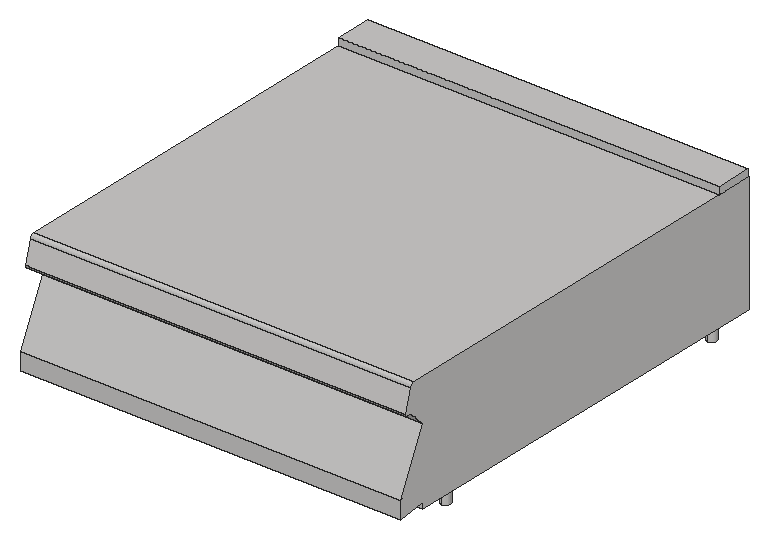
Revit family "QF_ZANUSSI_392160_Z9WTNHN000", category Specialty Equipment, Revit 2018
Family settings
  Round Connector Dimension = Use Diameter
  Part Type = Normal
  Work Plane-Based = No
  Always vertical = Yes
  Cut with Voids When Loaded = No
  Shared = No
  Room Calculation Point = No
Parameters
  Width = 800 mm  # constant formula
  Weight in Pounds = 44
  Weight = 0.00 kg
  Watts = 0 W
  Volts = 0 V
  URL Manufacturer = "http://www.zanussiprofessional.com"
  URL Cutsheet = "www.electrolux.com"
  URL = "http://www.zanussiprofessional.com"
  Type Mark [instance] = ""
  Steam Supply Size = 0"
  Steam Supply Minimum Pressure = 0.00 psi
  Steam Supply Maximum Pressure = 0.00 psi
  Steam Pounds per Hour = 0
  Status [instance] = ""
  Specification by User [instance] = ""
  Specification by Manufacturer = ""
  Show Logo [instance] = yes
  Serial Number = ""
  Seismic Rating = ""
  SMACNA No = ""
  Revision Code [instance] = ""
  Refrigeration Suction Line Size = 0"
  Refrigeration Liquid Line Size = 0"
  Refrigerant Compressor Remote = yes
  Phase = 0
  Omniclass Number and Title = ""
  NAFEM Spec ID Number = ""
  Model = "Z9WTNHN000"
  Masterspec = ""
  Manufacturer = "Zanussi"
  Length Actual = 800 mm  # constant formula
  Item Number [instance] = "392160"
  Installed By [instance] = ""
  Identify Quantity as Lot [instance] = yes
  Hot Water Size = 0"
  Height Actual = 250 mm  # constant formula
  Height = 289 mm  # constant formula
  HP = "0 HP"
  Gas Size = 0"
  Gas KW = 0
  Gas Input Pressure = 0.0 Btu/h
  Furnished By [instance] = ""
  Foodservice Equipment Identifier [instance] = yes
  Direct Waste Size = 0"
  Description = "WORKTOP 800 MM"
  Depth Actual = 900 mm  # constant formula
  Depth = 915 mm  # constant formula
  Cycle = 0 Hz
  Condensate Return Size = 0"
  Compressed Air Volume = 0 GPM
  Compressed Air Size = 0"
  Compressed Air Pressure = 0.00 psi
  Cold Water Size = 0"
  CSI MasterFormat = ""
  CSI Master Format = ""
  Base Height = 24 mm  # constant formula
  Accessory = yes
Reference planes
  plane 1 "BACK": y = 0
  plane 2: z = 0
  plane 3 "LEFT": x = 0
  plane 4 "RIGHT": x = 800
  plane 5 "FRONT": y = -915
  plane 6 "TOP": z = 274
  plane 7 "Center Y": x = 400
  plane 8 "Center X": y = -457.5
  plane 9: z = 24
  plane 10: z = 289
  plane 11: y = -82
  plane 12: y = -790
Forms (mm)
  Extrusion 1, solid, material "QF_Finishes_Stainless Steel"
    sketch origin (0, 82, 0) x (0, 1, 0) y (0, 0, 1)
      loop
        line (-82, 24) -> (-82, 273.363) -> (-961.358, 273.363)
        arc (-961.358, 273.363) -> (-966.643, 271.173) -> (-968.833, 265.888) r 7.474
        line (-968.833, 265.888) -> (-981.884, 220.373)
        arc (-981.884, 220.373) -> (-981.396, 217.741) -> (-979, 216.546) r 3
        line (-979, 216.546) -> (-968.802, 216.546) -> (-936.982, 184.727) -> (-997, 64.508) -> (-997, 29.508) -> (-940.645, 37.428)
        arc (-940.645, 37.428) -> (-938.101, 36.674) -> (-937, 34.259) r 3.2
        line (-937, 34.259) -> (-937, 24) -> (-82, 24)
    from 0 to 800
  Extrusion 2, solid, material "QF_Finishes_Stainless Steel"
    sketch origin (0, -199.871, 0) x (1, 0, 0) y (0, 1, 0)
      loop
        circle (11.112, 117.871) r 9.525
      loop
        circle (788.888, 117.871) r 9.525
      loop
        circle (11.112, -582.629) r 9.525
      loop
        circle (788.888, -582.629) r 9.525
    from 0 to 23.812
  Extrusion 3, solid, material "QF_Finishes_Stainless Steel"
    sketch origin (0, -199.871, 0) x (0, 1, 0) y (0, 0, 1)
      loop
        line (199.871, 274) -> (199.871, 289) -> (123.671, 289) -> (123.671, 274) -> (199.871, 274)
    from 0 to 800
Lines and regions (mm)
  symbolic lines
    curve 1: line (0, -915, 0) -> (800, -915, 0)
    curve 2: line (0, 0, 0) -> (0, -915, 0)
    curve 3: line (800, 0, 0) -> (0, 0, 0)
    curve 4: line (800, -915, 0) -> (800, 0, 0)
    curve 5: line (0, -76.2, 0) -> (800, -76.2, 0)
    curve 6: line (0, -908.65, 0) -> (800, -908.65, 0)
Dimensions and locks
  equal spacing: plane 3 "LEFT", plane 7 "Center Y", plane 4 "RIGHT"
  "Width": plane 3 "LEFT" to plane 4 "RIGHT"
  equal spacing: plane 5 "FRONT", plane 8 "Center X", plane 1 "BACK"
  "Depth": plane 5 "FRONT" to plane 1 "BACK"
  "Height": plane 10 to level
  "Base Height": plane 9 to level
  plane 9 to plane 2 = 24 mm
  plane 11 to plane 1 "BACK" = 82 mm
  plane 12 to plane 11 = 708 mm
  plane 6 "TOP" to plane 9 = 250 mm
  aligned and locked: level to plane 2
  aligned and locked: Extrusion 3 to Extrusion 1
Automatic sketch dimensions
  curve 5 to plane 3 "LEFT" = 0 mm
  plane 1 "BACK" to curve 2 = 0 mm
  curve 6 to plane 4 "RIGHT" = 0 mm
  curve 5 to curve 3 = 76.2 mm
  curve 6 to plane 5 "FRONT" = 6.35 mm
  curve 2 to curve 6 = 6.35 mm
  Extrusion 2 sketch curve to Extrusion 2 sketch curve = 0 mm  (x8)
  plane 3 "LEFT" to Extrusion 2 sketch curve = 11.112 mm  (x2)
  Extrusion 2 sketch curve to plane 4 "RIGHT" = 11.112 mm  (x2)
  Extrusion 2 sketch curve to plane 8 "Center X" = 334.525 mm  (x2)
  Extrusion 2 sketch curve to Extrusion 2 sketch curve = 9.525 mm  (x4)
  plane 1 "BACK" to Extrusion 2 sketch curve = 91.525 mm  (x2)
  Extrusion 3 sketch curve to plane 6 "TOP" = 0 mm
  plane 1 "BACK" to Extrusion 3 sketch curve = 0 mm
  Extrusion 3 sketch curve to plane 10 = 0 mm
  plane 1 "BACK" to Extrusion 3 sketch curve = 76.2 mm
  Extrusion 1 sketch curve to plane 9 = 0 mm
  plane 9 to Extrusion 1 sketch curve = 5.508 mm
  plane 5 "FRONT" to Extrusion 1 sketch curve = 0 mm
  Extrusion 1 sketch curve to plane 6 "TOP" = 53.627 mm
  Extrusion 1 sketch curve to Extrusion 1 sketch curve = 15.116 mm
  Extrusion 1 sketch curve to Extrusion 1 sketch curve = 2.884 mm
  Extrusion 1 sketch curve to plane 6 "TOP" = 8.112 mm
  Extrusion 1 sketch curve to Extrusion 1 sketch curve = 13.051 mm
  Extrusion 1 sketch curve to Extrusion 1 sketch curve = 10.198 mm
  Extrusion 1 sketch curve to Extrusion 1 sketch curve = 7.474 mm
  plane 9 to Extrusion 1 sketch curve = 13.428 mm
  Extrusion 1 sketch curve to Extrusion 1 sketch curve = 56.355 mm
  Extrusion 1 sketch curve to Extrusion 1 sketch curve = 0.445 mm
  Extrusion 1 sketch curve to Extrusion 1 sketch curve = 3.2 mm
  Extrusion 1 sketch curve to plane 6 "TOP" = 89.273 mm
  Extrusion 1 sketch curve to Extrusion 1 sketch curve = 31.82 mm
  plane 8 "Center X" to Extrusion 1 sketch curve = 457.5 mm
  Extrusion 1 sketch curve to Extrusion 1 sketch curve = 35 mm
  Extrusion 1 sketch curve to Extrusion 1 sketch curve = 3.827 mm
